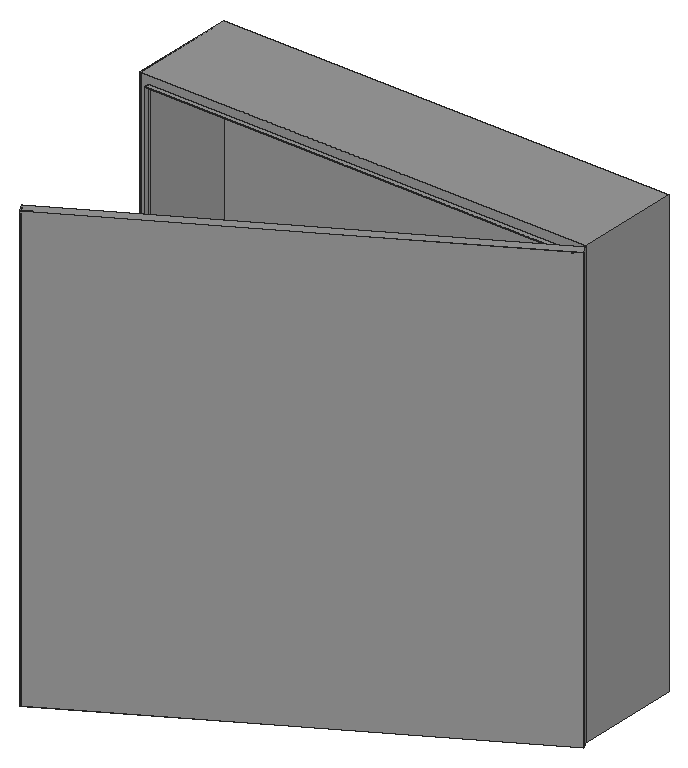
Revit family "Hager-Univers-IP44-D205-H800-Cl.II-Encl-NoHosted-NL-en", category Equipement électrique, Revit 2020
Family settings
  Configuration du panneau = Deux colonnes, circuits au sein
  Cote de connecteur circulaire = Utiliser le diamètre
  Type d'élément = Tableau de raccordement
  Basée sur le plan de construction = Oui
  Toujours verticalement = Oui
  Couper avec des vides une fois chargée = Non
  Partagée = Non
  Point de calcul de pièce = Non
Parameters (values of type "Surface mounted (plaster) IP44 W800 H800 D205  - FP53QS")
  Width Control [instance] = if([EF000008 - Width] > Min Width, [EF000008 - Width], Min Width)  # 800 mm
  Commentaires du type = [HG000003 - Range]  # "Univers"
  Thickness Door [instance] = if([EF009171 - Material plate thickness door/cover] > 3 mm, 3 mm, [EF009171 - Material plate thickness door/cover])  # 1 mm
  Seal Frame Offset [instance] = 17 mm  # constant formula
  Plinth Visibility [instance] = [HG000027 - Plinth height] > 0 mm  # no
  Min Width [instance] = 100 mm  # constant formula
  Min Depth [instance] = (2 * [EF009170 - Material plate thickness cabinet]) + 1 mm  # 3 mm
  Min Height [instance] = 100 mm  # constant formula
  Internal Frame Depth [instance] = (Door System Depth * 0.5)  # 9 mm
  Panel Name [instance] = ""  # (empty or 0)
  Model = ""
  HG000027 - Plinth height = 0 mm
  HG000026 - Floor standing = no
  HG000024 - Bottom section height = 600 mm
  HG000023 - Double section enclosure = no
  HG000016 - Door 3d visibility [instance] = yes
  HG000015 - Clearance visibility [instance] = no
  HG000014 - Door on the right [instance] = yes
  HG000013 - Door on the left [instance] = not([HG000014 - Door on the right])  # no
  HG000012 - Door swing angle [instance] = 30.00°
  HG000010 - Asymmetric doors = no
  HG000009 - Double swing door = no
  HG000006 - Flush mounted = no
  HG000004 - Manufacturer reference = "FP53QS"
  HG000003 - Range = "Univers"
  HG000002 - With door or cover = yes
  Frame Offset Bottom [instance] = 10 mm  # constant formula
  Frame Offset [instance] = 15 mm  # constant formula
  EF015940 - Cover with overpressure release = no
  EF011959 - Degree of protection (NEMA) = ""
  EF009554 - Number of openings for flange plates = 6
  EF009212 - Cover model = "EV000116 - Closed"
  EF009171 - Material plate thickness door/cover = 1 mm
  EF009170 - Material plate thickness cabinet = 1 mm
  EF008873 - Nominal current (In) = 250 A
  EF007800 - Suitable for lightning protection = no
  EF006306 - With lock = no
  EF006244 - Transparent cover/door = no
  EF005474 - Degree of protection (IP) = "EV006418 - IP44"
  EF004464 - Type of door = "EV002646 - Single"
  EF004427 - Number of modules = 180
  EF004293 - Impact strength = "EV006815 - IK09"
  EF003532 - Suitable for outdoor use = no
  EF002950 - Width in number of modular spacings = 36
  EF001613 - Circuit integrity = "EV000494 - None"
  EF001596 - Material housing = "EV000179 - Steel"
  EF001131 - Internal depth = 143 mm
  EF001088 - Extension possible = yes
  EF000437 - Number of conduit inlets = 6
  EF000339 - Type of cover = "EV001012 - Cover"
  EF000266 - Number of rows = 5
  EF000218 - Built-in depth = 0 mm
  EF000118 - With mounting plate = no
  EF000116 - RAL-number = "9010"
  EF000049 - Depth = 205 mm
  EF000040 - Height = 800 mm
  EF000008 - Width = 800 mm
  EF000007 - Colour = "EV000202 - White"
  EF000003 - Mounting method = "EV000384 - Surface mounted (plaster)"
  Door System Leaf Tolerance [instance] = 1.5 mm  # constant formula
  Door System Depth [instance] = 18 mm  # constant formula
  Door Height [instance] = Height Control - [HG000027 - Plinth height]  # 800 mm
  Description = ""
  Default Elevation = 1219.2 mm
  Connector Offset [instance] = Height Control / 2  # 400 mm
  Fabricant = "Hager"  # constant formula
  Height Control [instance] = if([EF000040 - Height] > Min Height, [EF000040 - Height], Min Height)  # 800 mm
  Depth Control [instance] = if([EF000049 - Depth] > Min Depth, [EF000049 - Depth], Min Depth)  # 205 mm
  Bottom Top Plate Trim [instance] = 1.5 mm  # constant formula
  Plinth height Ctrl [instance] = if([HG000027 - Plinth height] > 0 mm, [HG000027 - Plinth height], 12 mm)  # 12 mm
Types (5, lengths in mm): name | Width Control | HG000009 - Double swing door | HG000004 - Manufacturer reference | EF009554 - Number of openings for flange plates | EF004464 - Type of door | EF004427 - Number of modules | EF002950 - Width in number of modular spacings | EF000437 - Number of conduit inlets | EF000008 - Width
  Surface mounted (plaster) IP44 W1050 H800 D205  - FP54QS | 1050 | no | "FP54QS" | 8 | "EV003602 - Double" | 240 | 48 | 8 | 1050
  Surface mounted (plaster) IP44 W1300 H800 D205  - FP55QS | 1300 | yes | "FP55QS" | 10 | "EV003602 - Double" | 300 | 60 | 10 | 1300
  Surface mounted (plaster) IP44 W300 H800 D205  - FP51QS | 300 | no | "FP51QS" | 2 | "EV002646 - Single" | 60 | 12 | 2 | 300
  Surface mounted (plaster) IP44 W550 H800 D205  - FP52QS | 550 | no | "FP52QS" | 4 | "EV002646 - Single" | 120 | 24 | 4 | 550
  Surface mounted (plaster) IP44 W800 H800 D205  - FP53QS | 800 | no | "FP53QS" | 6 | "EV002646 - Single" | 180 | 36 | 6 | 800
Reference planes
  plane 1 "Center (Front/Back)": y = 0
  plane 2: z = 0
  plane 3 "Center (Left/Right)": x = 0
  plane 4: y = 0
  plane 5: y = 0
  plane 6: z = 0
  plane 7: x = -400
  plane 8: x = 400
  plane 9: x = 399
  plane 10: x = -399
  plane 11: z = 0
  plane 12: z = 1
  plane 13: y = -205
  plane 14: y = -1
  plane 15: x = 0
  plane 16: y = -187
  plane 17: y = -204
  plane 18: y = -186
  plane 19: x = -384
  plane 20: x = 384
  plane 21: z = 11
  plane 22: x = -383
  plane 23: x = 383
  plane 24: z = 0
  plane 25: z = 800
  plane 26: z = 800
  plane 27: z = 784
  plane 28: z = 799
Forms (mm)
  Extrusion 1, solid, material "Hager_Steel_RAL7035_Light_Grey", detail levels medium+fine
    sketch origin (-208.679, -4572, 0) x (-1, 0, 0) y (0, -1, 0)
      loop
        line (191.321, -4385) -> (-608.679, -4385) -> (-608.679, -4572) -> (191.321, -4572) -> (191.321, -4385)
    from 0 to 800
  Extrusion 2, void
    sketch origin (-350.771, -205, 1219.2) x (1, 0, 0) y (0, 0, 1)
      loop
        line (-48.229, -420.2) -> (-48.229, -1218.2) -> (749.771, -1218.2) -> (749.771, -420.2) -> (-48.229, -420.2)
    from -19 to -204
  Extrusion 3, void
    sketch origin (-290.084, -187, 1219.2) x (1, 0, 0) y (0, 0, 1)
      loop
        line (-93.916, -1208.2) -> (674.084, -1208.2) -> (674.084, -435.2) -> (-93.916, -435.2) -> (-93.916, -1208.2)
    from 0 to -1
  Extrusion 4, solid, material "Hager_Steel_RAL7035_Light_Grey", visible <- "Plinth Visibility", detail levels medium+fine
    sketch origin (0, 0, 0) x (1, 0, 0) y (0, 1, 0)
      loop
        line (-400, 0) -> (-400, -187) -> (400, -187) -> (400, 0) -> (-400, 0)
    from 0 to 12 <- "Plinth height Ctrl"
  Extrusion 5, solid, material "Hager_Steel_RAL7035_Light_Grey", detail levels coarse
    sketch origin (0, 0, 0) x (1, 0, 0) y (0, 1, 0)
      loop
        line (-400, 0) -> (-400, -205) -> (400, -205) -> (400, 0) -> (-400, 0)
    from 0 to 800 <- "Height Control"
  Sweep 6, void
    path in 3D
      loop
        line (-400, -187, 12) -> (400, -187, 12) -> (400, 0, 12) -> (-400, 0, 12) -> (-400, -187, 12)
    profile origin (-400, -93.5, 12) x (1, 0, 0) y (0, 0, 1)
      loop
        line (0, 0) -> (0, -1.5) -> (1.5, -1.5)
        arc (1.5, -1.5) -> (1.061, -0.439) -> (0, 0) r 1.5
  Extrusion 7, solid, material "Hager_Steel_RAL7035_Light_Grey", detail levels fine
    sketch origin (-400, -187, 0) x (1, 0, 0) y (0, 0, 1)
      loop
        line (16, 11) -> (784, 11) -> (784, 784) -> (16, 784) -> (16, 11)
      loop
        line (15, 10) -> (785, 10) -> (785, 785) -> (15, 785) -> (15, 10)
    from 0 to 9 <- "Internal Frame Depth"
Cuts and joins
  Extrusion 2, Extrusion 3 cuts Extrusion 1
  Sweep 6 cuts Extrusion 4
Lines and regions (mm)
  Masking region 1
    outline origin (0, 0, 0) x (1, 0, 0) y (0, 1, 0)
      loop
        line (-400, 0) -> (-400, -205) -> (400, -205) -> (400, 0) -> (-400, 0)
  Masking region 2, detail levels coarse
    outline origin (-290.084, -187, 1219.2) x (-1, 0, 0) y (0, 0, 1)
      loop
        line (-690.084, -1219.2) -> (109.916, -1219.2) -> (109.916, -419.2) -> (-690.084, -419.2) -> (-690.084, -1219.2)
  Masking region 3, detail levels coarse
    outline origin (0, 0, 0) x (0, 1, 0) y (0, 0, 1)
      loop
        line (0, 0) -> (0, 800) -> (-205, 800) -> (-205, 0) -> (0, 0)
  Masking region 4, visible <- "Plinth Visibility", detail levels medium+fine
    outline origin (0, 0, 0) x (0, 1, 0) y (0, 0, 1)
      loop
        line (-1.5, 12) -> (-185.5, 12)
        arc (-185.5, 12) -> (-185.939, 10.939) -> (-187, 10.5) r 1.5
        line (-187, 10.5) -> (-187, 0) -> (0, 0) -> (0, 10.5)
        arc (0, 10.5) -> (-1.061, 10.939) -> (-1.5, 12) r 1.5
  Masking region 5, detail levels medium+fine
    outline origin (0, 0, 594.038) x (0, 1, 0) y (0, 0, 1)
      loop
        line (0, -594.038) -> (0, 205.962) -> (-187, 205.962) -> (-187, -594.038) -> (0, -594.038)
  Masking region 6, detail levels medium+fine
    outline origin (-359.7, -187, 1211.883) x (-1, 0, 0) y (0, 0, 1)
      loop
        line (-759.7, -1211.883) -> (40.3, -1211.883) -> (40.3, -411.883) -> (-759.7, -411.883) -> (-759.7, -1211.883)
  Masking region 7, visible <- "Plinth Visibility", detail levels medium+fine
    outline origin (-320.334, -187, 1041.368) x (-1, 0, 0) y (0, 0, 1)
      loop
        line (-720.334, -1041.368) -> (79.666, -1041.368) -> (79.666, -1030.868)
        arc (79.666, -1030.868) -> (78.606, -1030.429) -> (78.166, -1029.368) r 1.5
        line (78.166, -1029.368) -> (-718.834, -1029.368)
        arc (-718.834, -1029.368) -> (-719.273, -1030.429) -> (-720.334, -1030.868) r 1.5
        line (-720.334, -1030.868) -> (-720.334, -1041.368)
  sketch lines
    curve 1: line (-400, 0, 12) -> (-400, -187, 12)
    curve 2: line (-400, -187, 12) -> (400, -187, 12)
    curve 3: line (400, 0, 12) -> (-400, 0, 12)
    curve 4: line (400, -187, 12) -> (400, 0, 12)
Dimensions and locks
  locked: plane 1 "Center (Front/Back)" to plane 5
  "EF009170 - Material plate thickness cabinet": plane 7 to plane 10
  "EF009170 - Material plate thickness cabinet": plane 8 to plane 9
  equal spacing: plane 7, plane 3 "Center (Left/Right)", plane 8
  "Width Control": plane 7 to plane 8
  "Depth Control": plane 4 to plane 13
  "EF009170 - Material plate thickness cabinet": plane 4 to plane 14
  "Height Control": plane 25 to level
  "HG000027 - Plinth height": plane 11 to level
  "EF009170 - Material plate thickness cabinet": plane 12 to plane 11
  "EF009170 - Material plate thickness cabinet": plane 17 to plane 13
  "EF009170 - Material plate thickness cabinet": plane 18 to plane 16
  "Frame Offset Bottom": plane 21 to plane 12
  "Frame Offset": plane 10 to plane 19
  "Frame Offset": plane 9 to plane 20
  "Door System Depth": plane 16 to plane 13
  "Seal Frame Offset": plane 7 to plane 22
  "Seal Frame Offset": plane 8 to plane 23
  "EF009170 - Material plate thickness cabinet": plane 26 to plane 28
  "Frame Offset": plane 28 to plane 27
  "Connector Offset": plane 2 to connector elem
  "Bottom Top Plate Trim": profile plane to Sweep 6 sketch curve
  "Bottom Top Plate Trim": Sweep 6 sketch curve to Sweep 6 sketch curve
  "Plinth height Ctrl": Masking region 4 sketch curve to level
  "Plinth height Ctrl": Masking region 7 sketch curve to level
  "Thickness Door": Extrusion 7 sketch curve to Extrusion 7 sketch curve  (x4)
  "Bottom Top Plate Trim": radius of Sweep 6 sketch curve
  "Bottom Top Plate Trim": radius of Masking region 4 sketch curve  (x2)
  "Bottom Top Plate Trim": radius of Masking region 7 sketch curve  (x2)
  aligned and locked: Extrusion 2 sketch curve to plane 12
  aligned and locked: Extrusion 2 sketch curve to plane 9
  aligned and locked: Extrusion 2 sketch curve to plane 10
  aligned and locked: Extrusion 2 to plane 14
  aligned and locked: Extrusion 1 sketch curve to plane 4
  aligned and locked: plane 8 to Extrusion 1 sketch curve
  aligned and locked: plane 7 to Extrusion 1 sketch curve
  aligned and locked: Extrusion 2 to plane 18
  aligned and locked: Extrusion 3 sketch curve to plane 19
  aligned and locked: plane 20 to Extrusion 3 sketch curve
  aligned and locked: Extrusion 3 to Extrusion 2
  aligned and locked: Extrusion 3 sketch curve to plane 21
  aligned and locked: plane 3 "Center (Left/Right)" to nested 1
  aligned and locked: Extrusion 1 sketch curve to plane 16
  aligned and locked: Extrusion 4 sketch curve to cut or joined group of Extrusion 1, Extrusion 2, Extrusion 3
  aligned and locked: Masking region 1 sketch curve to plane 7
  aligned and locked: Masking region 1 sketch curve to plane 5
  aligned and locked: Masking region 1 sketch curve to plane 8
  aligned and locked: Masking region 2 sketch curve to level
  aligned and locked: level to Masking region 3 sketch curve
  aligned and locked: plane 1 "Center (Front/Back)" to Masking region 3 sketch curve
  aligned and locked: plane 13 to Masking region 3 sketch curve
  aligned and locked: plane 5 to Masking region 4 sketch curve
  aligned and locked: Masking region 2 sketch curve to plane 8
  aligned and locked: Masking region 2 sketch curve to plane 7
  aligned and locked: plane 7 to nested 2
  aligned and locked: nested 2 to plane 5
  aligned and locked: plane 5 to Masking region 5 sketch curve
  aligned and locked: plane 26 to Masking region 5 sketch curve
  aligned and locked: Extrusion 5 sketch curve to plane 8
  aligned and locked: Extrusion 5 sketch curve to plane 7
  aligned and locked: Extrusion 5 sketch curve to plane 5
  aligned and locked: Extrusion 3 sketch curve to plane 27
  aligned and locked: Extrusion 2 sketch curve to plane 28
  aligned and locked: Masking region 2 to plane 25
  aligned and locked: Extrusion 4 to plane 16
  aligned and locked: profile plane to Sweep 6 sketch curve
  aligned and locked: Masking region 5 sketch curve to plane 24
  aligned and locked: level to Masking region 4 sketch curve
  aligned and locked: Masking region 1 to plane 13
  aligned and locked: nested 1 to plane 16
  aligned and locked: Masking region 3 to plane 25
  aligned and locked: plane 16 to Masking region 4 sketch curve
  aligned and locked: Masking region 5 sketch curve to plane 16
  aligned and locked: plane 24 to plane 11
  aligned and locked: plane 26 to plane 25
  aligned and locked: plane 26 to cut or joined group of Extrusion 1, Extrusion 2, Extrusion 3
  aligned and locked: nested 1 to plane 24
  aligned and locked: Extrusion 1 to Extrusion 3
  aligned and locked: Masking region 6 sketch curve to plane 8
  aligned and locked: Masking region 6 sketch curve to plane 24
  aligned and locked: Masking region 6 sketch curve to plane 7
  aligned and locked: Masking region 6 sketch curve to plane 26
  aligned and locked: Masking region 7 sketch curve to plane 7
  aligned and locked: level to Masking region 7 sketch curve
  aligned and locked: Masking region 7 sketch curve to plane 8
  aligned and locked: Extrusion 7 sketch curve to cut or joined group of Extrusion 1, Extrusion 2, Extrusion 3  (x4)
Automatic sketch dimensions
  plane 19 to Extrusion 3 sketch curve = 0 mm
  Extrusion 3 sketch curve to plane 20 = 0 mm
  Extrusion 3 sketch curve to plane 21 = 0 mm
  Extrusion 4 sketch curve to plane 7 = 0 mm
  Extrusion 4 sketch curve to plane 8 = 0 mm
  Extrusion 4 sketch curve to plane 16 = 0 mm
  Masking region 1 sketch curve to plane 13 = 0 mm
  Masking region 2 sketch curve to plane 25 = 0 mm
  Masking region 3 sketch curve to plane 25 = 0 mm
  Extrusion 5 sketch curve to plane 13 = 0 mm
  profile plane to Sweep 6 sketch curve = 0 mm
Nested families
  nested 1: "EC000058_Univers_Door" at (0, -187, 0), Double <- "HG000009 - Double swing door", Transparent <- "EF006244 - Transparent cover/door", Angle <- "HG000012 - Door swing angle", Door_Right <- "HG000014 - Door on the right", Assymetrical <- "HG000010 - Asymmetric doors", Door <- "HG000002 - With door or cover", Width_Ctrl <- "Width Control", 3d_Door <- "HG000016 - Door 3d visibility", Clearance <- "HG000015 - Clearance visibility", Door_Left <- "HG000013 - Door on the left", Width <- "Width Control", Door_Depth <- "Door System Depth", Leaf_Tolerance <- "Door System Leaf Tolerance", Height <- "Door Height", Lock_Visibility <- "EF006306 - With lock", Thickness <- "Thickness Door", type "EC000058_Univers_Door", detail levels medium+fine
    with min_wh 3 mm, Width_Ctrl 800 mm, Width 800 mm, Transparent no, Thickness 1 mm, Seal_Material Hager_Rubber, Lock_Visibility no, Lock_Material Hager_Plastic_RAL9005_Jet_Black, Leaf_Width 800 mm, Leaf_Tolerance_External_Sides 0 mm, Leaf_Tolerance 1.5 mm, Leaf_Offset 0 mm, Leaf_Height 797 mm, Leaf_2_Width 800 mm, Leaf_2_Offset 400 mm, Leaf_1_Width 800 mm, Leaf_1_Offset 400 mm, Height_Ctrl 800 mm, Height 800 mm, Glass_Material Hager_Glass, Double_Clearance_Ctrl no, Double no, Door_Right_Ctrl yes, Door_Right yes, Door_Material Hager_Steel_RAL7035_Light_Grey, Door_Left_Ctrl no, Door_Left no, Door_Depth 18 mm, Door yes, Clearance_Material Hager_Clearance, Clearance_Depth 800 mm, Clearance_Ctrl no, Clearance no, Assymetrical no, Angle 30.00°, 3d_Door yes
  nested 2: "Hager_Enclosure_Symbol" at (-400, 0, 0), Height <- "Depth Control", Width <- "Width Control", type "Hager_Enclosure_Symbol"
    with Width_Ctrl 800 mm, Width 800 mm, Height_Ctrl 205 mm, Height 205 mm, A_Width_Int 13.453 mm, A_Width 161.438 mm, A_Height_Ctrl 179.375 mm, A_Height 179.375 mm
Connectors
  electrical at (0, 0, 400)
    settings: on plane 1 "Center (Front/Back)", index 1, voltage 0 V, apparent load 0 VA, apparent load phase1 0 VA, apparent load phase2 0 VA, apparent load phase3 0 VA, power factor 1, load classification "Other", number of poles 1, system type 30, power factor state 1, is connector primary yes, connector utility no, sub classification motor no, connector description ""
Definition of nested family "EC000058_Univers_Door"
  Parameters (values of type "EC000058_Univers_Door")
    min_wh [instance] = (2 * Thickness) + 1 mm  # 11 mm
    Width_Ctrl [instance] = 400 mm
    Width [instance] = 500 mm
    Transparent [instance] = yes
    Thickness [instance] = 5 mm
    Seal_Material [instance] = none
    Lock_Visibility [instance] = yes
    Lock_Material [instance] = none
    Leaf_Width [instance] = if((Width_Ctrl - 2 * Leaf_Tolerance_External_Sides) > 0 mm, (Width_Ctrl - 2 * Leaf_Tolerance_External_Sides), min_wh)  # 400 mm
    Leaf_Tolerance_External_Sides [instance] = 0 mm  # constant formula
    Leaf_Tolerance [instance] = 1.5 mm
    Leaf_Offset [instance] = 0 mm  # constant formula
    Leaf_Height [instance] = if((Height_Ctrl - 2 * Leaf_Tolerance) > 0 mm, (Height_Ctrl - 2 * Leaf_Tolerance), min_wh)  # 497 mm
    Leaf_2_Width [instance] = if(and(and(Double, Assymetrical), Door_Left), (Leaf_Width / 3) - (Leaf_Tolerance / 2), if(and(and(Double, Assymetrical), Door_Right), (Leaf_Width / 3) * 2 - (Leaf_Tolerance / 2), if(and(Double, not(Assymetrical)), (Leaf_Width / 2) - Leaf_Tolerance, Leaf_Width)))  # 400 mm
    Leaf_2_Offset [instance] = if(and(Double, Assymetrical), Leaf_2_Width / 2, if(and(Double, not(Assymetrical)), Leaf_Width / 4, Leaf_Width / 2))  # 200 mm
    Leaf_1_Width [instance] = if(and(and(Double, Assymetrical), Door_Right), (Leaf_Width / 3) - (Leaf_Tolerance / 2), if(and(and(Double, Assymetrical), Door_Left), (Width / 3) * 2 - (Leaf_Tolerance / 2), if(and(Double, not(Assymetrical)), (Leaf_Width / 2) - Leaf_Tolerance, Leaf_Width)))  # 400 mm
    Leaf_1_Offset [instance] = if(and(Double, Assymetrical), Leaf_1_Width / 2, if(and(Double, not(Assymetrical)), Leaf_Width / 4, Leaf_Width / 2))  # 200 mm
    Height_Ctrl [instance] = if(Height > min_wh, Height, min_wh)  # 500 mm
    Height [instance] = 500 mm
    Glass_Material [instance] = none
    Double_Clearance_Ctrl [instance] = and(Double, Clearance)  # no
    Double [instance] = no
    Door_Right_Ctrl [instance] = and(or(Door_Right, Double), Door)  # yes
    Door_Right [instance] = yes
    Door_Material [instance] = none
    Door_Left_Ctrl [instance] = and(or(Door_Left, Double), Door)  # no
    Door_Left [instance] = no
    Door_Depth [instance] = 30 mm
    Door [instance] = yes
    Default Elevation = 1219.2 mm
    Clearance_Material [instance] = none
    Clearance_Depth [instance] = if(Leaf_1_Width > Leaf_2_Width, Leaf_1_Width, Leaf_2_Width)  # 400 mm
    Clearance_Ctrl [instance] = and(not(Double), Clearance)  # yes
    Clearance [instance] = yes
    Assymetrical [instance] = yes
    Angle [instance] = 30.00°
    3d_Door [instance] = yes
  Reference planes
    plane 1 "Center (Front/Back)": y = 0
    plane 2 "Bottom": z = 0
    plane 3 "Center (Left/Right)": x = 0
    plane 4: z = 500
    plane 5: x = -200
    plane 6: x = 200
    plane 7: z = 500
    plane 8: x = -200
    plane 9: z = 0
    plane 10: x = 200
    plane 11: y = 0
    plane 12: z = 1.5
    plane 13: x = -600
    plane 14: y = -400
    plane 15: x = 600
    plane 16: x = 0
    plane 17: x = 0
    plane 18: x = -200
    plane 19: x = 200
    plane 20: z = 498.5
  Forms (mm)
    Extrusion 1, solid, material <- "Clearance_Material", visible <- "Double_Clearance_Ctrl"
      sketch origin (1200, 0, 0) x (1, 0, 0) y (0, 0, -1)
        loop
          line (-1800, -498.5) -> (-600, -498.5) -> (-600, 0) -> (-1800, 0) -> (-1800, -498.5)
      from 0 to -400
  Dimensions and locks
    equal spacing: plane 5, plane 3 "Center (Left/Right)", plane 6
    "Width_Ctrl": plane 5 to plane 6
    "Leaf_Offset": plane 5 to plane 8
    "Leaf_Offset": plane 6 to plane 10
    "Leaf_Offset": plane 9 to level
    "Leaf_Offset": plane 4 to plane 7
    "Height_Ctrl": plane 4 to level
    "Leaf_Tolerance": plane 12 to plane 9
    locked: plane 11 to plane 1 "Center (Front/Back)"
    "Leaf_1_Offset": plane 18 to plane 16
    "Leaf_2_Offset": plane 17 to plane 19
    "Leaf_1_Width": plane 13 to plane 8
    "Leaf_2_Width": plane 10 to plane 15
    "Clearance_Depth": plane 14 to plane 1 "Center (Front/Back)"
    "Leaf_Tolerance_External_Sides": plane 8 to plane 18
    "Leaf_Tolerance_External_Sides": plane 19 to plane 10
    "Leaf_Tolerance": plane 7 to plane 20
    aligned and locked: level to plane 2 "Bottom"
    aligned and locked: nested 1 to plane 16
    aligned and locked: nested 2 to plane 17
    aligned and locked: Extrusion 1 to plane 13
    aligned and locked: plane 15 to Extrusion 1
    aligned and locked: Extrusion 1 to plane 14
    aligned and locked: plane 12 to nested 1
    aligned and locked: nested 2 to plane 12
    aligned and locked: Extrusion 1 to plane 11
    aligned and locked: plane 20 to Extrusion 1
    aligned and locked: nested 2 to plane 11
    aligned and locked: nested 1 to plane 11
  Automatic sketch dimensions
    Extrusion 1 sketch curve to level = 0 mm
    plane 5 to Extrusion 1 sketch curve = 400 mm
    plane 6 to Extrusion 1 sketch curve = 400 mm
    Extrusion 1 sketch curve to plane 4 = 1.5 mm
  Nested families
    nested 1: "EC000058_Univers_Door_Leaf" at (0, 0, 1.5), Width <- "Leaf_1_Width", visible <- "Door_Left_Ctrl", Leaf_Height <- "Leaf_Height", Angle <- "Angle", 3d_Door <- "3d_Door", Transparent <- "Transparent", Clearance Material <- "Clearance_Material", Clearance <- "Clearance_Ctrl", Door_Material <- "Door_Material", Glass_Material <- "Glass_Material", Door_Depth <- "Door_Depth", Lock_Material <- "Lock_Material", Seal_Material <- "Seal_Material", Lock_Visibility <- "Lock_Visibility", Thickness <- "Thickness", type "EC000058_Univers_Door_Leaf"
      with Width 400 mm, Transparent_Glass_Offset 30 mm, Transparent_Ctrl yes, Transparent yes, Thickness 5 mm, Standard no, Seal_Material none, Seal_D2 8 mm, Seal_D1 1 mm, Offset_Internal_Frame 10 mm, Lock_Width 20 mm, Lock_Visibility_3d yes, Lock_Visibility yes, Lock_Thickness_3 3 mm, Lock_Thickness_2 1 mm, Lock_Thickness_1 3 mm, Lock_Radius_Offset_2 16 mm, Lock_Radius_Offset_1 15 mm, Lock_Radius_2 5 mm, Lock_Radius 6 mm, Lock_Offset 5 mm, Lock_Material none, Lock_Height 80 mm, Lock_Cover_Top_Offset_2d 17 mm, Lock_Cover_Height -65 mm, Leaf_Height 497 mm, Internal_Seal_Thickness 8 mm, Internal_Seal_Depth_2 4.5 mm, Internal_Frame_Depth 25 mm, Glass_Thickness -1 mm, Glass_Offset -2 mm, Glass_Material none, Door_Material none, Door_Depth 30 mm, Clearance Material none, Clearance yes, Angle_Ctrl 30.00°, Angle 30.00°, 3d_Door yes
    nested 2: "EC000058_Univers_Door_Leaf" at (0, 0, 1.5) x (-1, 0, 0) z (0, 0, 1), Width <- "Leaf_2_Width", visible <- "Door_Right_Ctrl", Leaf_Height <- "Leaf_Height", Angle <- "Angle", 3d_Door <- "3d_Door", Transparent <- "Transparent", Clearance Material <- "Clearance_Material", Clearance <- "Clearance_Ctrl", Door_Material <- "Door_Material", Glass_Material <- "Glass_Material", Door_Depth <- "Door_Depth", Lock_Material <- "Lock_Material", Seal_Material <- "Seal_Material", Lock_Visibility <- "Lock_Visibility", Thickness <- "Thickness", type "EC000058_Univers_Door_Leaf"
      with Width 400 mm, Transparent_Glass_Offset 30 mm, Transparent_Ctrl yes, Transparent yes, Thickness 5 mm, Standard no, Seal_Material none, Seal_D2 8 mm, Seal_D1 1 mm, Offset_Internal_Frame 10 mm, Lock_Width 20 mm, Lock_Visibility_3d yes, Lock_Visibility yes, Lock_Thickness_3 3 mm, Lock_Thickness_2 1 mm, Lock_Thickness_1 3 mm, Lock_Radius_Offset_2 16 mm, Lock_Radius_Offset_1 15 mm, Lock_Radius_2 5 mm, Lock_Radius 6 mm, Lock_Offset 5 mm, Lock_Material none, Lock_Height 80 mm, Lock_Cover_Top_Offset_2d 17 mm, Lock_Cover_Height -65 mm, Leaf_Height 497 mm, Internal_Seal_Thickness 8 mm, Internal_Seal_Depth_2 4.5 mm, Internal_Frame_Depth 25 mm, Glass_Thickness -1 mm, Glass_Offset -2 mm, Glass_Material none, Door_Material none, Door_Depth 30 mm, Clearance Material none, Clearance yes, Angle_Ctrl 30.00°, Angle 30.00°, 3d_Door yes
  Definition of nested family "EC000058_Univers_Door_Leaf"
    Parameters (values of type "EC000058_Univers_Door_Leaf")
      Width [instance] = 2000 mm
      Transparent_Glass_Offset [instance] = 30 mm
      Transparent_Ctrl [instance] = and(Transparent, [3d_Door])  # yes
      Transparent [instance] = yes
      Thickness [instance] = 5 mm
      Standard [instance] = and(not(Transparent), [3d_Door])  # no
      Seal_Material [instance] = none
      Seal_D2 [instance] = 8 mm  # constant formula
      Seal_D1 [instance] = 1 mm  # constant formula
      Offset_Internal_Frame [instance] = 10 mm  # constant formula
      Lock_Width [instance] = 20 mm  # constant formula
      Lock_Visibility_3d [instance] = and(Lock_Visibility, [3d_Door])  # yes
      Lock_Visibility [instance] = yes
      Lock_Thickness_3 [instance] = 3 mm  # constant formula
      Lock_Thickness_2 [instance] = 1 mm  # constant formula
      Lock_Thickness_1 [instance] = 3 mm  # constant formula
      Lock_Radius_Offset_2 [instance] = Lock_Radius_Offset_1 + 1 mm  # 16 mm
      Lock_Radius_Offset_1 [instance] = 15 mm  # constant formula
      Lock_Radius_2 [instance] = Lock_Radius - 1 mm  # 5 mm
      Lock_Radius [instance] = 6 mm  # constant formula
      Lock_Offset [instance] = 5 mm  # constant formula
      Lock_Material [instance] = none
      Lock_Height [instance] = 80 mm  # constant formula
      Lock_Cover_Top_Offset_2d [instance] = Lock_Radius_Offset_2 + 1 mm  # 17 mm
      Lock_Cover_Height [instance] = -(Lock_Height - Lock_Radius_Offset_1)  # -65 mm
      Leaf_Height [instance] = 2720.336 mm
      Internal_Seal_Thickness [instance] = 8 mm  # constant formula
      Internal_Seal_Depth_2 [instance] = 4.5 mm  # constant formula
      Internal_Frame_Depth [instance] = if(Door_Depth - Thickness > 5 mm, Door_Depth - Thickness, 5 mm)  # 25 mm
      Glass_Thickness [instance] = if(Thickness > 15 mm, Glass_Offset + 10 mm, -1 mm)  # -1 mm
      Glass_Offset [instance] = if(Thickness > 15 mm, -(Thickness + 10 mm) / 2, -2 mm)  # -2 mm
      Glass_Material [instance] = none
      Door_Material [instance] = none
      Door_Depth [instance] = 30 mm
      Default Elevation = 0 mm
      Clearance Material [instance] = none
      Clearance [instance] = yes
      Angle_Ctrl [instance] = if(Angle > 180.00°, 180.00°, Angle)  # 90.00°
      Angle [instance] = 90.00°
      3d_Door [instance] = yes
    Reference planes
      plane 1 "Center (Front/Back)": y = 0
      plane 2: z = 0
      plane 3 "Center (Left/Right)": x = 0
      plane 4: y = 2000
      plane 5: x = -1000
      plane 6: x = 1000
      plane 7: x = -3000
      plane 8: z = 2720.336
      plane 9: z = 30
      plane 10: z = 2690.336
      plane 11: x = 970
      plane 12: x = -970
      plane 13: y = -3
      plane 14: z = 107.833
      plane 15: y = -5
      plane 16: y = -223.314
      plane 17: x = -1000
      plane 18: z = 1360.168
      plane 19: y = 30
    Forms (mm)
      Extrusion 1, solid, material <- "Clearance Material", visible <- "Clearance"
        sketch origin (0, 0, 0) x (1, 0, 0) y (0, 0, 1)
          loop
            line (-3000, 2720.336) -> (-3000, 0) -> (1000, 0) -> (1000, 2720.336) -> (-3000, 2720.336)
        from 0 to -2000
      Extrusion 2, solid, material <- "Door_Material", visible <- "Standard", detail levels medium+fine
        sketch origin (-1000, 0, 0) x (0, 1, 0) y (-1, 0, 0)
          loop
            line (0, 30) -> (0, 25) -> (2000, 25) -> (2000, 30) -> (0, 30)
        from 0 to 2720.336 <- "Leaf_Height"
      Extrusion 3, solid, material <- "Door_Material", visible <- "Transparent_Ctrl", detail levels medium+fine
        sketch origin (-1000, 0, 0) x (0, 1, 0) y (-1, 0, 0)
          loop
            line (0, 25) -> (2000, 25) -> (2000, 30) -> (0, 30) -> (0, 25)
        from 0 to 2720.336 <- "Leaf_Height"
      Extrusion 4, void
        sketch origin (-1025, 2000, 0) x (0, 1, 0) y (0, 0, -1)
          loop
            line (-30, -2690.336) -> (-30, -30) -> (-1970, -30) -> (-1970, -2690.336) -> (-30, -2690.336)
        from 0 to 5 <- "Thickness"
      Sweep 5, solid, material <- "Seal_Material", visible <- "Transparent_Ctrl", detail levels fine
        path in 3D
          loop
            line (-1025, 30, 30) -> (-1025, 30, 2690.336) -> (-1025, 1970, 2690.336) -> (-1025, 1970, 30) -> (-1025, 30, 30)
        profile origin (-1025, 1000, 30) x (1, 0, 0) y (0, 0, 1)
          loop
            line (0, 0) -> (0, -8) -> (1, -8) -> (1, 0) -> (0, 0)
      Extrusion 6, solid, material <- "Glass_Material", visible <- "Transparent_Ctrl", detail levels medium+fine
        sketch origin (-1030, 0, 0) x (0, 1, 0) y (0, 0, -1)
          loop
            line (1970, -2690.336) -> (1970, -30) -> (30, -30) -> (30, -2690.336) -> (1970, -2690.336)
        from -2 <- "Glass_Offset" to -1 <- "Glass_Thickness"
      Extrusion 7, solid, material <- "Door_Material", visible <- "3d_Door", detail levels medium+fine
        sketch origin (-1025, 2000, 0) x (0, -1, 0) y (0, 0, -1)
          loop
            line (0, -2720.336) -> (2000, -2720.336) -> (2000, 0) -> (0, 0) -> (0, -2720.336)
          loop
            line (1995, -5) -> (5, -5) -> (5, -2715.336) -> (1995, -2715.336) -> (1995, -5)
        from 0 to 25 <- "Internal_Frame_Depth"
      Sweep 8, solid, material <- "Seal_Material", visible <- "Transparent_Ctrl", detail levels fine
        path in 3D
          loop
            line (-1025, 0, 0) -> (-1025, 2000, 0) -> (-1025, 2000, 2720.336) -> (-1025, 0, 2720.336) -> (-1025, 0, 0)
        profile origin (-1025, 0, 1360.168) x (1, 0, 0) y (0, 1, 0)
          loop
            line (0, 10) -> (2.975, 10)
            arc (2.975, 10) -> (4.053, 10.447) -> (4.5, 11.525) r 1.525
            line (4.5, 11.525) -> (4.5, 16.527)
            arc (4.5, 16.527) -> (4.069, 17.569) -> (3.027, 18) r 1.473
            line (3.027, 18) -> (0, 18) -> (0, 10)
      Extrusion 9, solid, material <- "Lock_Material", visible <- "Lock_Visibility_3d", detail levels fine
        sketch origin (-1030, 0, 0) x (0, 1, 0) y (0, 0, -1)
          loop
            arc (1993.5, -1400.168) -> (1994.561, -1399.729) -> (1995, -1398.668) r 1.5
            line (1995, -1398.668) -> (1995, -1320.168) -> (1975, -1320.168) -> (1975, -1398.668)
            arc (1975, -1398.668) -> (1975.439, -1399.729) -> (1976.5, -1400.168) r 1.5
            line (1976.5, -1400.168) -> (1993.5, -1400.168)
        from 3 <- "Lock_Thickness_1" to 0
      Blend 10, solid, material <- "Lock_Material", visible <- "Lock_Visibility_3d", detail levels fine
        base sketch origin (-1033, 0, 0) x (0, 1, 0) y (0, 0, -1)
          loop
            line (1975, -1320.168) -> (1975, -1398.668)
            arc (1975, -1398.668) -> (1975.439, -1399.729) -> (1976.5, -1400.168) r 1.5
            line (1976.5, -1400.168) -> (1993.5, -1400.168)
            arc (1993.5, -1400.168) -> (1994.561, -1399.729) -> (1995, -1398.668) r 1.5
            line (1995, -1398.668) -> (1995, -1320.168) -> (1975, -1320.168)
        top sketch origin (-1033, 0, 0) x (0, 1, 0) y (0, 0, -1)
          loop
            line (1976, -1320.168) -> (1976, -1398.668)
            arc (1976, -1398.668) -> (1976.146, -1399.022) -> (1976.5, -1399.168) r 0.5
            line (1976.5, -1399.168) -> (1993.5, -1399.168)
            arc (1993.5, -1399.168) -> (1993.854, -1399.022) -> (1994, -1398.668) r 0.5
            line (1994, -1398.668) -> (1994, -1320.168) -> (1976, -1320.168)
        from 0 to 1 <- "Lock_Thickness_2"
      Blend 11, solid, material <- "Lock_Material", visible <- "Lock_Visibility_3d", detail levels fine
        base sketch origin (-1034, 0, 0) x (0, 1, 0) y (0, 0, -1)
          loop
            line (1978, -1320.168) -> (1978, -1384.168)
            arc (1978, -1384.168) -> (1985, -1391.168) -> (1992, -1384.168) r 7
            line (1992, -1384.168) -> (1992, -1320.168) -> (1978, -1320.168)
        top sketch origin (-1034, 0, 0) x (0, 1, 0) y (0, 0, -1)
          loop
            line (1991, -1320.168) -> (1979, -1320.168) -> (1979, -1383.168)
            arc (1979, -1383.168) -> (1985, -1389.168) -> (1991, -1383.168) r 6
            line (1991, -1383.168) -> (1991, -1320.168)
        from 0 to 3 <- "Lock_Thickness_3"
      Extrusion 12, solid, material <- "Lock_Material", visible <- "Lock_Visibility_3d", detail levels fine
        sketch origin (-1030, 1975, 1320.168) x (1, 0, 0) y (0, -1, 0)
          loop
            line (-7, -19) -> (-7, -1) -> (0, -1) -> (0, 0) -> (-8, 0) -> (-8, -20) -> (0, -20) -> (0, -19) -> (-7, -19)
        from 0 to -65 <- "Lock_Cover_Height"
      Extrusion 13, void
        sketch origin (-1038, 1995, 1320.168) x (-1, 0, 0) y (0, 0, -1)
          loop
            line (-5, -65) -> (0, -65) -> (-5, -60) -> (-5, -65)
        from 0 to 20 <- "Lock_Width"
      Extrusion 14, void
        sketch origin (-1038, 1975, 1320.168) x (0, -1, 0) y (0, 0, -1)
          loop
            circle (-10, -15.995) r 6
          loop
            circle (-10, -15.995) r 5
        from 0 to 2
      Extrusion 15, solid, material <- "Lock_Material", visible <- "Lock_Visibility_3d", detail levels medium
        sketch origin (-1030, 0, 0) x (0, 1, 0) y (0, 0, -1)
          loop
            arc (1993.5, -1400.168) -> (1994.561, -1399.729) -> (1995, -1398.668) r 1.5
            line (1995, -1398.668) -> (1995, -1320.168) -> (1975, -1320.168) -> (1975, -1398.668)
            arc (1975, -1398.668) -> (1975.439, -1399.729) -> (1976.5, -1400.168) r 1.5
            line (1976.5, -1400.168) -> (1993.5, -1400.168)
        from 8 to 0
    Cuts and joins
      Extrusion 4 cuts Extrusion 3
      Extrusion 13, Extrusion 14 cuts Extrusion 9
      Extrusion 14 cuts Blend 11
      Extrusion 13, Extrusion 14 cuts Extrusion 12
      joined: Extrusion 9, Blend 10, Blend 11, Extrusion 12
      Extrusion 14 cuts Extrusion 15
    Lines and regions (mm)
      Masking region 1, visible <- "Lock_Visibility", detail levels fine
        outline origin (0, 0, 0) x (0, 1, 0) y (0, 0, 1)
          loop
            line (30, 1320.168) -> (33, 1320.168) -> (33, 1400.168) -> (30, 1400.168) -> (30, 1320.168)
      Masking region 2, visible <- "Lock_Visibility", detail levels fine
        outline origin (0, 3.143, 0) x (0, 1, 0) y (0, 0, 1)
          loop
            line (29.857, 1354.168) -> (30.857, 1354.168) -> (30.857, 1366.168) -> (29.857, 1366.168) -> (29.857, 1354.168)
      Masking region 3, detail levels medium+fine
        outline origin (0, 0, 0) x (0, 1, 0) y (0, 0, 1)
          loop
            line (0, 0) -> (30, 0) -> (30, 2720.336) -> (0, 2720.336) -> (0, 0)
      Masking region 4, detail levels medium+fine
        outline origin (0, 0, 0) x (1, 0, 0) y (0, 0, 1)
          loop
            line (-1000, 2720.336) -> (-1000, 0) -> (1000, 0) -> (1000, 2720.336) -> (-1000, 2720.336)
      Masking region 5, visible <- "Lock_Visibility", detail levels fine
        outline origin (-47.116, 0, 0) x (1, 0, 0) y (0, 0, 1)
          loop
            arc (1024.616, 1399.168) -> (1023.556, 1398.729) -> (1023.116, 1397.668) r 1.5
            line (1023.116, 1397.668) -> (1023.116, 1320.168) -> (1041.116, 1320.168) -> (1041.116, 1397.668)
            arc (1041.116, 1397.668) -> (1040.677, 1398.729) -> (1039.616, 1399.168) r 1.5
            line (1039.616, 1399.168) -> (1024.616, 1399.168)
      Masking region 6, visible <- "Lock_Visibility", detail levels medium+fine
        outline origin (-25, 0, 0) x (1, 0, 0) y (0, 0, 1)
          loop
            arc (1001.5, 1400.168) -> (1000.439, 1399.729) -> (1000, 1398.668) r 1.5
            line (1000, 1398.668) -> (1000, 1320.168) -> (1020, 1320.168) -> (1020, 1398.668)
            arc (1020, 1398.668) -> (1019.561, 1399.729) -> (1018.5, 1400.168) r 1.5
            line (1018.5, 1400.168) -> (1001.5, 1400.168)
      Masking region 7, visible <- "Lock_Visibility", detail levels fine
        outline origin (-73.735, 0, 0) x (1, 0, 0) y (0, 0, 1)
          loop
            line (1051.735, 1382.168) -> (1065.735, 1382.168) -> (1065.735, 1384.168)
            arc (1065.735, 1384.168) -> (1058.735, 1391.168) -> (1051.735, 1384.168) r 7
            line (1051.735, 1384.168) -> (1051.735, 1382.168)
      Masking region 8, visible <- "Lock_Visibility", detail levels fine
        outline origin (-73.735, 0, 0) x (1, 0, 0) y (0, 0, 1)
          loop
            line (1052.735, 1382.168) -> (1064.735, 1382.168) -> (1064.735, 1383.168)
            arc (1064.735, 1383.168) -> (1058.735, 1389.168) -> (1052.735, 1383.168) r 6
            line (1052.735, 1383.168) -> (1052.735, 1382.168)
      Masking region 9, visible <- "Lock_Visibility", detail levels fine
        outline origin (-25, 0, 0) x (1, 0, 0) y (0, 0, 1)
          loop
            line (1020, 1320.168) -> (1020, 1382.168) -> (1000, 1382.168) -> (1000, 1320.168) -> (1020, 1320.168)
      Masking region 10, detail levels medium+fine
        outline origin (0, 0, 0) x (1, 0, 0) y (0, 0, 1)
          loop
            circle (985, 1335.144) r 6
      Masking region 11, detail levels fine
        outline origin (0, 0, 0) x (1, 0, 0) y (0, 0, 1)
          loop
            circle (985, 1335.144) r 5
      Masking region 12, visible <- "Lock_Visibility", detail levels fine
        outline origin (0, 12.767, 0) x (0, 1, 0) y (0, 0, 1)
          loop
            line (20.233, 1320.168) -> (21.233, 1320.168) -> (21.233, 1399.168) -> (20.233, 1400.168) -> (20.233, 1320.168)
      Masking region 13, visible <- "Lock_Visibility", detail levels fine
        outline origin (0, 13.767, -10) x (0, 1, 0) y (0, 0, 1)
          loop
            line (20.233, 1330.168) -> (23.233, 1330.168) -> (23.233, 1399.168) -> (20.233, 1402.168) -> (20.233, 1330.168)
      Masking region 14, visible <- "Lock_Visibility", detail levels fine
        outline origin (0, 12.767, -10) x (0, 1, 0) y (0, 0, 1)
          loop
            line (20.233, 1330.168) -> (25.233, 1330.168) -> (25.233, 1399.305) -> (20.233, 1394.305) -> (20.233, 1330.168)
      Masking region 15, visible <- "Lock_Visibility", detail levels medium
        outline origin (0, 0, 0) x (0, 1, 0) y (0, 0, 1)
          loop
            line (30, 1320.168) -> (38, 1320.168) -> (38, 1400.168) -> (30, 1400.168) -> (30, 1320.168)
      Masking region 16, visible <- "Lock_Visibility", detail levels fine
        outline origin (-1000, 0, 0) x (0, 1, 0) y (-1, 0, 0)
          loop
            line (1975, 30) -> (1995, 30) -> (1995, 38) -> (1975, 38) -> (1975, 30)
          loop
            line (1979, 37) -> (1976, 37) -> (1976, 34) -> (1978, 34) -> (1979, 37)
          loop
            line (1994, 37) -> (1991, 37) -> (1992, 34) -> (1994, 34) -> (1994, 37)
      Masking region 17, visible <- "Lock_Visibility", detail levels medium
        outline origin (-1000, 0, 0) x (0, 1, 0) y (-1, 0, 0)
          loop
            line (1975, 30) -> (1995, 30) -> (1995, 38) -> (1975, 38) -> (1975, 30)
      symbolic lines
        curve 1: line (1000, 0, 0) -> (-3000, 0, 0)
        curve 2: arc (1000, 0, 0) -> (-1000, 2000, 0) -> (-3000, 0, 0) r 2000
        curve 4: line (-1030, 0, 0) -> (-1030, 2000, 0)
      reference lines
        curve 3: line (-1000, 0, 0) -> (-1000, 2000, 0)
      symbolic lines, detail levels medium+fine
        curve 5: line (-1030, 2000, 0) -> (-1025, 2000, 0)
        curve 7: line (-1025, 0, 0) -> (-1030, 0, 0)
        curve 8: line (-1025, 0, 0) -> (-1000, 0, 0)
        curve 9: line (-1000, 0, 0) -> (-1000, 2000, 0)
        curve 10: line (-1000, 2000, 0) -> (-1025, 2000, 0)
      symbolic lines, detail levels fine
        curve 6: line (-1025, 2000, 0) -> (-1025, 0, 0)
      sketch lines
        curve 11: line (-1025, 0, 2720.336) -> (-1025, 0, 0)
        curve 12: line (-1025, 2000, 0) -> (-1025, 0, 0)
        curve 13: line (-1025, 2000, 2720.336) -> (-1025, 2000, 0)
        curve 14: line (-1025, 0, 2720.336) -> (-1025, 2000, 2720.336)
        curve 15: line (-1025, 1970, 30) -> (-1025, 30, 30)
        curve 16: line (-1025, 30, 30) -> (-1025, 30, 2690.336)
        curve 17: line (-1025, 1970, 2690.336) -> (-1025, 1970, 30)
        curve 18: line (-1025, 30, 2690.336) -> (-1025, 1970, 2690.336)
      symbolic lines, visible <- "Transparent", detail levels medium+fine
        curve 19: line (-970, 0, 2690.336) -> (970, 0, 2690.336)
        curve 20: line (-970, 0, 30) -> (-970, 0, 2690.336)
        curve 21: line (970, 0, 30) -> (-970, 0, 30)
        curve 22: line (970, 0, 2690.336) -> (970, 0, 30)
    Dimensions and locks
      "Width": plane 1 "Center (Front/Back)" to plane 4
      equal spacing: plane 5, plane 3 "Center (Left/Right)", plane 6
      "Width": plane 5 to plane 6
      "Width": plane 7 to plane 5
      "Leaf_Height": plane 8 to level
      "Width": curve 5 to curve 3
      "Width": curve 3 to curve 3
      plane 8 to plane 10 = 30 mm
      plane 9 to level = 30 mm
      plane 12 to plane 5 = 30 mm
      plane 6 to plane 11 = 30 mm
      Extrusion 1 to Extrusion 4 sketch curve = 30 mm
      "Transparent_Glass_Offset": curve 3 to Extrusion 4 sketch curve
      "Transparent_Glass_Offset": Extrusion 4 sketch curve to cut or joined group of Extrusion 3, Extrusion 4  (x2)
      cut or joined group of Extrusion 3, Extrusion 4 to Extrusion 6 sketch curve = 30 mm
      "Transparent_Glass_Offset": cut or joined group of Extrusion 3, Extrusion 4 to Extrusion 4 sketch curve
      "Thickness": curve 6 to curve 4
      "Thickness": Extrusion 7 sketch curve to Extrusion 7 sketch curve  (x4)
      "Door_Depth": curve 4 to curve 3
      "Offset_Internal_Frame": profile plane to Sweep 8 sketch curve
      "Internal_Seal_Thickness": Sweep 8 sketch curve to Sweep 8 sketch curve
      "Internal_Seal_Depth_2": profile plane to Sweep 8 sketch curve
      "Seal_D1": profile plane to Sweep 5 sketch curve
      "Seal_D2": profile plane to Sweep 5 sketch curve
      "Thickness": Extrusion 2 sketch curve to Extrusion 2 sketch curve
      equal spacing: Extrusion 9 sketch curve, plane 18, Extrusion 9 sketch curve  (x2)
      equal spacing: Masking region 1 sketch curve, plane 18, Masking region 1 sketch curve
      "Lock_Height": Masking region 1 sketch curve to Masking region 1 sketch curve
      "Lock_Radius": Masking region 2 sketch curve to plane 18 to Masking region 2 sketch curve
      Masking region 2 sketch curve to Masking region 1 = 1 mm
      "Door_Depth": plane 19 to plane 1 "Center (Front/Back)"
      "Lock_Thickness_1": Masking region 1 sketch curve to plane 19
      "Lock_Width": Extrusion 9 sketch curve to Extrusion 9 sketch curve
      "Lock_Height": Extrusion 9 sketch curve to Extrusion 9 sketch curve
      "Lock_Offset": cut or joined group of Extrusion 3, Extrusion 4 to Extrusion 9 sketch curve
      equal spacing: plane 8, plane 18, level
      "Lock_Radius_Offset_1": Blend 11 sketch curve to Blend 10
      locked: Blend 10 to Blend 11 sketch curve at 2  (x2)
      locked: var sketch to Blend 11 sketch curve at 1  (x2)
      "Lock_Radius_Offset_2": Blend 11 sketch curve to Blend 10
      locked: Extrusion 12 sketch curve to Extrusion 12 sketch curve at 1  (x3)
      Masking region 6 sketch curve to Masking region 6 sketch curve = 80 mm
      "Lock_Height": Masking region 6 sketch curve to Masking region 6 sketch curve
      "Lock_Width": Masking region 6 sketch curve to Masking region 6 sketch curve
      locked: Masking region 6 to Masking region 5 sketch curve at 1  (x3)
      locked: Masking region 5 to Masking region 7 sketch curve at 2  (x2)
      "Lock_Radius_Offset_1": Masking region 5 to Masking region 7 sketch curve
      "Lock_Radius_Offset_2": Masking region 5 to Masking region 8 sketch curve
      locked: Masking region 7 to Masking region 8 sketch curve at 1  (x2)
      "Lock_Cover_Top_Offset_2d": Masking region 5 to Masking region 9 sketch curve
      equal spacing: Masking region 9, Masking region 10 sketch curve, Masking region 9
      equal spacing: Masking region 9, Masking region 11 sketch curve, Masking region 9
      Extrusion 15 sketch curve to Extrusion 15 sketch curve = 80 mm
      "Lock_Width": Extrusion 15 sketch curve to Extrusion 15 sketch curve
      "Lock_Height": Extrusion 15 sketch curve to Extrusion 15 sketch curve
      equal spacing: Extrusion 15 sketch curve, plane 18, Extrusion 15 sketch curve
      "Lock_Thickness_3": Masking region 13 sketch curve to Masking region 13 sketch curve
      "Lock_Height": Masking region 12 sketch curve to Masking region 12 sketch curve
      locked: Masking region 13 sketch curve to Masking region 1 at 8
      locked: Masking region 14 sketch curve to Masking region 13 at 1
      locked: Masking region 14 sketch curve to Masking region 1 at 10.863
      "Lock_Height": Masking region 15 sketch curve to Masking region 15 sketch curve
      "Lock_Offset": Extrusion 15 sketch curve to cut or joined group of Extrusion 3, Extrusion 4
      "Lock_Offset": plane 6 to Masking region 6 sketch curve
      radius of Sweep 8 sketch curve = 1.525 mm
      radius of Sweep 8 sketch curve = 1.473 mm
      radius of Extrusion 9 sketch curve = 1.5 mm  (x2)
      "Lock_Radius": radius of Extrusion 14 sketch curve
      "Lock_Radius_2": radius of Extrusion 14 sketch curve
      "Lock_Radius": radius of Masking region 10 sketch curve
      "Lock_Radius_2": radius of Masking region 11 sketch curve
      radius of Extrusion 15 sketch curve = 1.5 mm  (x2)
      "Angle_Ctrl": angle plane 1 "Center (Front/Back)" to curve 3
      locked: Masking region 12 sketch curve to Masking region 12 sketch curve (angle 45.00°)
      locked: Masking region 13 sketch curve to Masking region 13 sketch curve (angle 45.00°)
      locked: Masking region 14 sketch curve to Masking region 14 sketch curve (angle 45.00°)
      aligned and locked: level to plane 2
      aligned and locked: Extrusion 1 to curve 1
      aligned and locked: plane 6 to Extrusion 1
      aligned and locked: Extrusion 1 to plane 1 "Center (Front/Back)"
      aligned and locked: plane 4 to Extrusion 1
      aligned and locked: plane 8 to Extrusion 1
      aligned and locked: curve 7 to Extrusion 2 sketch curve
      aligned and locked: curve 5 to Extrusion 2 sketch curve
      aligned and locked: curve 7 to Extrusion 3 sketch curve
      aligned and locked: Extrusion 3 sketch curve to curve 4
      aligned and locked: Extrusion 3 sketch curve to curve 6
      aligned and locked: Extrusion 3 sketch curve to curve 5
      aligned and locked: curve 9 to curve 3
      aligned and locked: Extrusion 7 sketch curve to cut or joined group of Extrusion 3, Extrusion 4  (x4)
      aligned and locked: plane 17 to curve 3
      aligned and locked: plane 1 "Center (Front/Back)" to curve 3
      aligned and locked: plane 17 to plane 5
      aligned and locked: Sweep 8 sketch curve to profile plane
      aligned and locked: Sweep 5 sketch curve to profile plane  (x2)
      aligned and locked: Masking region 1 to Masking region 2 sketch curve
      aligned and locked: plane 19 to Masking region 1 sketch curve
      aligned and locked: plane 1 "Center (Front/Back)" to Masking region 3 sketch curve
      aligned and locked: plane 19 to Masking region 3 sketch curve
      aligned and locked: level to Masking region 3 sketch curve
      aligned and locked: Masking region 3 sketch curve to plane 8
      aligned and locked: plane 17 to Masking region 4 sketch curve
      aligned and locked: level to Masking region 4 sketch curve
      aligned and locked: Masking region 4 sketch curve to plane 8
      aligned and locked: plane 12 to curve 20
      aligned and locked: plane 10 to curve 19
      aligned and locked: plane 11 to curve 22
      aligned and locked: curve 21 to plane 9
      aligned and locked: Extrusion 2 sketch curve to cut or joined group of Extrusion 3, Extrusion 4
      aligned and locked: Blend 10 sketch curve to Extrusion 9  (x4)
      aligned and locked: Extrusion 9 to Blend 10 sketch curve
      aligned and locked: Blend 10 to Blend 11 sketch curve
      aligned and locked: Extrusion 12 sketch curve to Blend 11
      aligned and locked: Extrusion 12 sketch curve to Extrusion 9  (x4)
      aligned and locked: Masking region 5 sketch curve to Masking region 6
      aligned and locked: Masking region 9 sketch curve to Masking region 6  (x3)
      aligned and locked: Masking region 12 sketch curve to Masking region 1
      aligned and locked: Masking region 13 sketch curve to Masking region 1
      aligned and locked: Masking region 12 to Masking region 14
      aligned and locked: Masking region 14 sketch curve to Masking region 1
      aligned and locked: Masking region 15 sketch curve to Masking region 14
      aligned and locked: Masking region 13 sketch curve to Masking region 12
      aligned and locked: Masking region 16 sketch curve to cut or joined group of Extrusion 14, Extrusion 15  (x4)
      aligned and locked: Masking region 16 sketch curve to cut or joined group of Extrusion 9, Blend 10, Blend 11, Extrusion 12, Extrusion 13, Extrusion 14  (x6)
      aligned and locked: cut or joined group of Extrusion 9, Blend 10, Blend 11, Extrusion 12, Extrusion 13, Extrusion 14 to Masking region 16 sketch curve
      aligned and locked: Masking region 17 sketch curve to cut or joined group of Extrusion 14, Extrusion 15  (x3)
      aligned and locked: Masking region 17 sketch curve to cut or joined group of Extrusion 9, Blend 10, Blend 11, Extrusion 12, Extrusion 13, Extrusion 14
      aligned and locked: Masking region 9 to Masking region 8 sketch curve
      aligned and locked: Masking region 9 to Masking region 7 sketch curve
    Automatic sketch dimensions
      plane 1 "Center (Front/Back)" to curve 2 = 0 mm
      curve 2 to plane 5 = 0 mm
      Extrusion 1 sketch curve to level = 0 mm
      Extrusion 1 sketch curve to plane 7 = 0 mm
      Extrusion 1 sketch curve to plane 6 = 0 mm
      Extrusion 1 sketch curve to plane 8 = 0 mm
      Extrusion 3 to Extrusion 6 sketch curve = 30 mm  (x4)
      Masking region 4 sketch curve to plane 6 = 0 mm
      Blend 10 sketch curve to Extrusion 9 = 1.5 mm
      Blend 10 sketch curve to Extrusion 9 = 1 mm
      Extrusion 13 sketch curve to Extrusion 12 = 0 mm  (x2)
      Extrusion 12 to Extrusion 13 sketch curve = 3 mm
      Extrusion 13 sketch curve to Extrusion 12 = 5 mm
      Extrusion 14 sketch curve to Extrusion 14 sketch curve = 0 mm  (x2)
      Extrusion 14 sketch curve to Extrusion 12 = 10 mm
      Extrusion 14 sketch curve to Extrusion 12 = 15.995 mm
      Masking region 5 sketch curve to Masking region 5 sketch curve = 1.5 mm  (x2)
      Masking region 10 sketch curve to plane 18 = 25.024 mm
      Masking region 11 sketch curve to plane 18 = 25.024 mm
      plane 19 to Masking region 14 sketch curve = 3 mm
      Masking region 16 sketch curve to Masking region 16 sketch curve = 3 mm
      curve 4 to curve 3 = 0 mm
      Blend 10 to Blend 11 sketch curve = 0 mm
      Masking region 6 sketch curve to Masking region 6 sketch curve = 1.5 mm  (x2)
      Masking region 6 sketch curve to plane 18 = 40 mm
      plane 19 to Masking region 12 sketch curve = 3 mm
      Masking region 12 sketch curve to Masking region 12 sketch curve = 1 mm
      Masking region 15 sketch curve to plane 19 = 0 mm
      Masking region 15 sketch curve to plane 18 = 40 mm
      radius of Blend 10 sketch curve to Extrusion 9 = 1 mm
Definition of nested family "Hager_Enclosure_Symbol"
  Parameters (values of type "Hager_Enclosure_Symbol")
    Width_Ctrl [instance] = if(Width > 1 mm, Width, 1 mm)  # 102.27 mm
    Width [instance] = 102.27 mm
    Height_Ctrl [instance] = if(Height > 1 mm, Height, 1 mm)  # 66.5 mm
    A_Width_Int [instance] = if(A_Width / 12 > 2 mm, A_Width / 12, 2 mm)  # 4.364 mm
    A_Width [instance] = if(A_Height_Ctrl * 0.9 > 2 mm, A_Height_Ctrl * 0.9, 2 mm)  # 52.369 mm
    A_Height_Ctrl [instance] = if(A_Height > 2 mm, A_Height, 2 mm)  # 58.188 mm
    Height [instance] = 66.5 mm
    A_Height [instance] = Height - (Height / 8)  # 58.188 mm
  Reference planes
    plane 1 "Centre (avant/arrière)": y = 0
    plane 2: z = 0
    plane 3 "Centre (gauche/droite)": x = 0
    plane 4: x = 52.369
    plane 5: y = 33.042
    plane 6: y = 41.77
    plane 7: y = 66.5
    plane 8: x = 26.184
    plane 9: y = 37.406
    plane 10: x = 102.27
    plane 11: y = 66.5
    plane 12: y = 8.313
  Lines and regions (mm)
    Filled region 1, type "Solid_Black", in view "Niveau de réf."
      outline origin (0, 0, 0) x (1, 0, 0) y (0, 1, 0)
        loop
          line (52.369, 66.5) -> (33.188, 54.536) -> (45.365, 45.006) -> (52.369, 66.5)
    Filled region 2, type "Solid_Black", in view "Niveau de réf."
      outline origin (0, 0, 0) x (1, 0, 0) y (0, 1, 0)
        loop
          line (0, 0) -> (102.27, 0) -> (102.27, 66.5) -> (0, 0)
    detail lines, in view "Niveau de réf."
      curve 1: line (0, 8.313, 0) -> (26.184, 41.77, 0)
      curve 2: line (26.184, 41.77, 0) -> (26.184, 33.042, 0)
      curve 3: line (26.184, 33.042, 0) -> (52.369, 66.5, 0)
  Dimensions and locks
    "A_Width": plane 3 "Centre (gauche/droite)" to plane 4
    equal spacing: plane 3 "Centre (gauche/droite)", plane 8, plane 4
    equal spacing: plane 6, plane 9, plane 5
    equal spacing: curve 3, Filled region 1 sketch curve, Filled region 1 sketch curve
    "Height_Ctrl": plane 1 "Centre (avant/arrière)" to plane 11
    "A_Height_Ctrl": plane 11 to plane 12
    equal spacing: plane 11, plane 9, plane 12
    "A_Width_Int": plane 6 to plane 9
    "Width_Ctrl": plane 3 "Centre (gauche/droite)" to plane 10
    angle Filled region 1 sketch curve to curve 3 = 20.00°
    angle curve 3 to Filled region 1 sketch curve = 20.00°
    locked: curve 3 to Filled region 1 sketch curve (angle 90.00°)
    aligned and locked: plane 10 to Filled region 2
    aligned and locked: plane 11 to Filled region 2 sketch curve
    aligned and locked: plane 10 to Filled region 2 sketch curve
    aligned and locked: plane 3 "Centre (gauche/droite)" to curve 1
    aligned and locked: plane 12 to curve 1
    aligned and locked: plane 7 to plane 11
  Automatic sketch dimensions
    Filled region 1 sketch curve to plane 4 = 0 mm
    Filled region 1 sketch curve to plane 7 = 0 mm
    plane 1 "Centre (avant/arrière)" to Filled region 2 sketch curve = 0 mm
    Filled region 2 sketch curve to plane 3 "Centre (gauche/droite)" = 0 mm
    curve 2 to plane 6 = 0 mm
    curve 2 to plane 8 = 0 mm
    curve 3 to plane 4 = 0 mm
    curve 2 to plane 5 = 0 mm
    curve 3 to plane 7 = 0 mm
